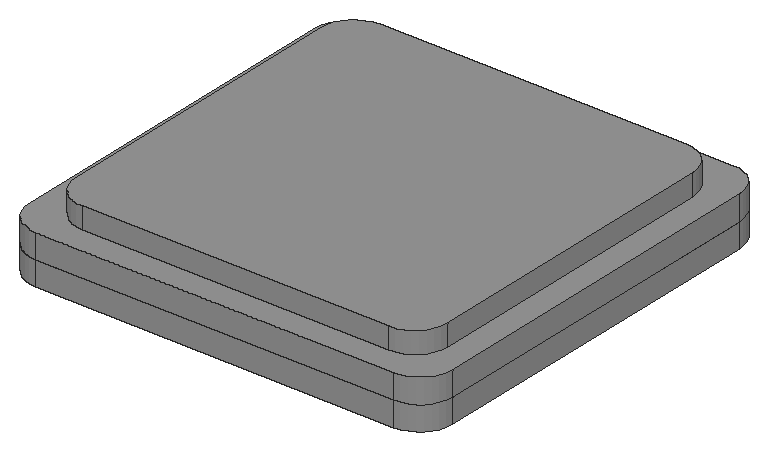
Revit family "FMS2_63_UN_Surface-mounted_ETK", category Lighting Fixtures, Revit 2019 (continued)
Definition of nested family "FMS.2 - Lightsource"
  Parameters (values of type "FMS.1110.10 - Ø270 / 18W / 1120lm / 4000K")
      .9143\t67.2823\t63.6779\t60.1011\t56.552\t53.0304\t49.5365\t46.0702\r\n38.4056\t26.0319\t13.6332\t1.214\t0\t0\t0\t0\t0\t0\r\n0\r\n502.9602\t502.684\t502.2697\t502.1316\t501.9935\t501.7173\t501.5792\t501.4411\t501.0268\t500.7506\r\n500.3363\t500.0601\t499.5077\t499.0934\t498.541\t497.9886\t497.4362\t496.8838\t496.1933\t495.5028\r\n494.6742\t493.8456\t493.017\t492.1884\t491.3598\t490.3931\t489.4264\t488.3216\t487.2168\t486.112\r\n485.0072\t483.9024\t482.6595\t481.2785\t480.0356\t478.6546\t477.2736\t475.7545\t474.3735\t472.8544\r\n471.4734\t469.8162\t468.2971\t466.5018\t464.8446\t463.1874\t461.5302\t459.7349\t457.9396\t456.0062\r\n454.2109\t452.2775\t450.3441\t448.2726\t446.3392\t444.2677\t442.1962\t440.1247\t438.0532\t435.9817\r\n433.9102\t431.7006\t429.3529\t427.1433\t425.0718\t422.586\t419.6859\t416.6477\t413.6095\t410.5713\r\n407.5331\t404.4949\t401.3186\t398.2804\t395.1041\t392.0659\t388.8896\t385.7133\t382.537\t379.2226\r\n376.0463\t372.87\t369.5556\t366.3793\t363.0649\t359.7505\t356.5742\t353.2598\t350.0835\t346.7691\r\n343.3166\t340.0022\t336.8259\t333.3734\t330.059\t326.7446\t323.4302\t319.9777\t316.6633\t313.2108\r\n309.8964\t306.582\t303.1295\t299.8151\t296.5007\t293.1863\t289.7338\t286.2813\t282.6907\t278.8239\r\n274.819\t270.9522\t266.9473\t263.0805\t259.0756\t254.9326\t251.0658\t247.199\t243.3322\t239.3273\r\n235.4605\t231.5937\t227.5888\t223.722\t219.8552\t215.9884\t212.1216\t208.2548\t204.5261\t200.7974\r\n196.9306\t193.2019\t189.3351\t185.6064\t181.8777\t177.5966\t173.3155\t169.0344\t164.8914\t160.6103\r\n156.3292\t152.1862\t148.0432\t143.9002\t139.7572\t135.7247\t131.6645\t127.5906\t123.5581\t119.5532\r\n115.5621\t111.6124\t107.6766\t103.7822\t99.9015\t96.0762\t92.2646\t88.4807\t84.7105\t80.9818\r\n77.2808\t73.5935\t69.9476\t66.3156\t62.6974\t59.1206\t55.5438\t51.9947\t40.9052\t29.1529\r\n17.4006\t5.6179\t0\t0\t0\t0\t0\t0\t0\t0\r\n0\r\n502.9602\t502.5459\t502.1316\t501.9935\t501.7173\t501.5792\t501.303\t501.0268\t500.7506\t500.3363\r\n499.922\t499.5077\t499.0934\t498.541\t498.1267\t497.5743\t496.8838\t496.3314\t495.6409\t494.9504\r\n494.2599\t493.4313\t492.6027\t491.7741\t490.8074\t489.9788\t489.0121\t488.0454\t487.0787\t485.8358\r\n484.731\t483.6262\t482.5214\t481.2785\t480.0356\t478.7927\t477.4117\t476.0307\t474.6497\t473.2687\r\n471.7496\t470.3686\t468.8495\t467.3304\t465.8113\t464.1541\t462.4969\t460.8397\t459.1825\t457.5253\r\n455.73\t453.9347\t452.1394\t450.3441\t448.4107\t446.4773\t444.5439\t442.0581\t439.2961\t436.5341\r\n433.7721\t431.0101\t428.2481\t425.348\t422.4479\t419.5478\t416.7858\t413.8857\t410.9856\t408.0855\r\n405.0473\t402.0091\t398.9709\t396.0708\t393.0326\t389.9944\t386.9562\t383.918\t380.8798\t377.8416\r\n374.8034\t371.6271\t368.4508\t365.4126\t362.2363\t359.06\t355.8837\t352.7074\t349.6692\t346.4929\r\n343.3166\t340.1403\t336.964\t333.7877\t330.6114\t327.5732\t324.3969\t321.2206\t317.9062\t314.1775\r\n310.4488\t306.582\t302.7152\t298.8484\t295.1197\t291.2529\t287.3861\t283.5193\t279.7906\t276.0619\r\n272.1951\t268.4664\t264.5996\t260.8709\t257.0041\t253.2754\t249.4086\t245.818\t242.0893\t238.3606\r\n234.6319\t230.9032\t227.1745\t223.4458\t219.7171\t215.9884\t212.3978\t208.6691\t204.388\t200.1069\r\n195.8258\t191.6828\t187.4017\t183.2587\t179.1157\t174.9727\t170.8297\t166.6867\t162.5437\t158.4007\r\n154.3958\t150.3909\t146.386\t142.243\t138.2381\t134.2332\t130.2421\t126.2925\t122.3842\t118.476\r\n114.5678\t110.6872\t106.8065\t102.9397\t99.1006\t95.289\t91.4912\t87.7211\t83.9648\t80.2223\r\n76.5074\t72.8063\t69.1191\t65.4456\t61.7859\t56.11\t44.7168\t33.3373\t21.9303\t10.5329\r\n0\t0\t0\t0\t0\t0\t0\t0\t0\t0\r\n0\r\n502.9602\t502.5459\t502.1316\t501.7173\t501.5792\t501.303\t501.0268\t500.7506\t500.3363\t500.0601\r\n499.6458\t499.0934\t498.6791\t498.1267\t497.5743\t497.0219\t496.4695\t495.9171\t495.2266\t494.5361\r\n493.8456\t493.017\t492.3265\t491.3598\t490.5312\t489.7026\t488.7359\t487.9073\t486.8025\t485.8358\r\n484.731\t483.6262\t482.5214\t481.4166\t480.3118\t479.0689\t477.826\t476.5831\t475.2021\t473.9592\r\n472.5782\t471.1972\t469.6781\t468.2971\t466.9161\t465.5351\t464.016\t462.4969\t460.8397\t459.1825\r\n457.5253\t455.1776\t452.6918\t450.0679\t447.444\t444.8201\t442.1962\t439.5723\t436.9484\t434.1864\r\n431.4244\t428.6624\t425.9004\t423.1384\t420.5145\t417.7525\t414.8524\t412.0904\t409.1903\t406.4283\r\n403.5282\t400.6281\t397.8661\t394.966\t392.0659\t389.1658\t386.1276\t383.2275\t380.3274\t377.2892\r\n374.3891\t371.489\t368.4508\t365.5507\t362.5125\t359.6124\t356.5742\t353.6741\t350.6359\t347.5977\r\n344.5595\t340.9689\t337.2402\t333.6496\t329.9209\t326.1922\t322.6016\t318.8729\t315.1442\t311.5536\r\n307.8249\t304.0962\t300.5056\t296.7769\t293.0482\t289.3195\t285.7289\t282.0002\t278.4096\t274.6809\r\n271.0903\t267.3616\t263.771\t260.0423\t256.4517\t252.8611\t249.2705\t245.6799\t242.0893\t238.4987\r\n234.9081\t230.9032\t226.7602\t222.4791\t218.3361\t214.1931\t210.0501\t205.9071\t201.7641\t197.7592\r\n193.6162\t189.4732\t185.4683\t181.4634\t177.3204\t173.3155\t169.3106\t165.1676\t161.1627\t157.1578\r\n153.291\t149.2861\t145.4193\t141.4144\t137.4785\t133.4875\t129.524\t125.5743\t121.6523\t117.7302\r\n113.8358\t109.9552\t106.0884\t102.2354\t98.4101\t94.5847\t90.7869\t87.003\t83.2329\t79.4766\r\n75.734\t72.0053\t68.2766\t61.0126\t49.8265\t38.6266\t27.4405\t16.2406\t5.0407\t0\r\n0\t0\t0\t0\t0\t0\t0\t0\t0\t0\r\n0\r\n502.9602\t502.5459\t501.9935\t501.5792\t501.303\t501.0268\t500.7506\t500.4744\t500.0601\t499.6458\r\n499.2315\t498.8172\t498.2648\t497.8505\t497.16\t496.6076\t496.0552\t495.5028\t494.8123\t494.1218\r\n493.5694\t492.8789\t492.0503\t491.2217\t490.3931\t489.5645\t488.5978\t487.7692\t486.8025\t485.8358\r\n484.8691\t483.9024\t482.7976\t481.6928\t480.588\t479.4832\t478.3784\t477.2736\t476.0307\t474.9259\r\n473.683\t472.302\t470.921\t469.6781\t468.2971\t466.9161\t464.8446\t462.4969\t460.1492\t457.6634\r\n455.3157\t452.8299\t450.3441\t447.7202\t445.2344\t442.7486\t440.2628\t437.6389\t435.015\t432.5292\r\n429.9053\t427.2814\t424.5194\t421.7574\t419.1335\t416.3715\t413.7476\t410.9856\t408.3617\t405.5997\r\n402.8377\t400.0757\t397.3137\t394.5517\t391.7897\t389.0277\t386.2657\t383.5037\t380.6036\t377.8416\r\n374.9415\t372.1795\t369.2794\t366.5174\t363.6173\t360.0267\t356.4361\t352.8455\t349.2549\t345.6643\r\n342.0737\t338.4831\t334.8925\t331.3019\t327.7113\t324.1207\t320.5301\t316.9395\t313.3489\t309.7583\r\n306.1677\t302.5771\t299.1246\t295.534\t291.9434\t288.3528\t284.9003\t281.3097\t277.8572\t274.2666\r\n270.8141\t267.3616\t263.771\t260.3185\t256.7279\t252.9992\t248.8562\t244.8513\t240.7083\t236.7034\r\n232.5604\t228.5555\t224.4125\t220.4076\t216.2646\t212.2597\t208.2548\t204.2499\t200.245\t196.2401\r\n192.2352\t188.2303\t184.2254\t180.2205\t176.3537\t172.3488\t168.3439\t164.4771\t160.6103\t156.6054\r\n152.7386\t148.7337\t144.7288\t140.7239\t136.6914\t132.7279\t128.7921\t124.87\t120.9618\t117.0674\r\n113.1868\t109.3062\t105.4532\t101.6002\t97.761\t93.9356\t90.1241\t86.3263\t82.5286\t78.7446\r\n74.9607\t67.2133\t56.1238\t45.0482\t33.9726\t22.897\t11.8214\t0.7455\t0\t0\r\n0\t0\t0\t0\t0\t0\t0\t0\t0\t0\r\n0\r\n502.9602\t502.4078\t501.9935\t501.4411\t501.1649\t500.8887\t500.4744\t500.0601\t499.7839\t499.3696\r\n498.8172\t498.4029\t497.8505\t497.4362\t496.8838\t496.3314\t495.6409\t495.0885\t494.398\t493.8456\r\n493.1551\t492.4646\t491.7741\t491.0836\t490.255\t489.4264\t488.5978\t487.7692\t486.9406\t485.9739\r\n485.0072\t484.0405\t483.0738\t482.1071\t481.1404\t480.1737\t479.0689\t477.9641\t476.8593\t475.7545\r\n474.7878\t473.5449\t471.8877\t469.6781\t467.3304\t464.9827\t462.635\t460.2873\t457.9396\t455.5919\r\n453.2442\t450.8965\t448.5488\t446.063\t443.7153\t441.2295\t438.7437\t436.1198\t433.634\t431.1482\r\n428.6624\t426.1766\t423.5527\t421.0669\t418.443\t415.9572\t413.3333\t410.7094\t408.0855\t405.3235\r\n402.6996\t400.0757\t397.4518\t394.8279\t392.204\t389.442\t386.8181\t384.1942\t381.4322\t378.394\r\n374.9415\t371.489\t368.0365\t364.584\t361.1315\t357.5409\t354.0884\t350.6359\t347.0453\t343.5928\r\n340.1403\t336.6878\t333.2353\t329.6447\t326.1922\t322.7397\t319.2872\t315.8347\t312.3822\t308.7916\r\n305.3391\t301.8866\t298.4341\t294.9816\t291.5291\t288.0766\t284.6241\t281.1716\t277.7191\t274.4047\r\n270.676\t266.6711\t262.6662\t258.6613\t254.6564\t250.6515\t246.6466\t242.6417\t238.6368\t234.6319\r\n230.7651\t226.7602\t222.7553\t218.8885\t214.8836\t211.0168\t207.0119\t203.007\t199.1402\t195.1353\r\n191.2685\t187.4017\t183.5349\t179.53\t175.6632\t171.7964\t167.7915\t163.7866\t159.9198\t155.9149\r\n151.91\t147.9051\t144.0383\t140.0334\t136.0699\t132.1341\t128.1982\t124.2762\t120.368\t116.4735\r\n112.5791\t108.6985\t104.8317\t100.9649\t97.1119\t93.2727\t89.4336\t85.6082\t81.7966\t74.6845\r\n63.6779\t52.6713\t41.6648\t30.6582\t19.6516\t8.6492\t0\t0\t0\t0\r\n0\t0\t0\t0\t0\t0\t0\t0\t0\t0\r\n0\r\n502.9602\t502.4078\t501.8554\t501.4411\t501.0268\t500.6125\t500.1982\t499.7839\t499.3696\t498.9553\r\n498.541\t498.1267\t497.5743\t497.0219\t496.4695\t495.9171\t495.3647\t494.8123\t494.1218\t493.5694\r\n492.8789\t492.1884\t491.4979\t490.8074\t490.1169\t489.4264\t488.5978\t487.9073\t487.0787\t486.2501\r\n485.2834\t484.4548\t483.6262\t482.6595\t481.6928\t480.7261\t479.7594\t478.7927\t477.826\t476.3069\r\n474.0973\t472.0258\t469.8162\t467.6066\t465.397\t463.1874\t460.8397\t458.6301\t456.4205\t454.0728\r\n451.7251\t449.3774\t447.0297\t444.682\t442.3343\t439.9866\t437.6389\t435.1531\t432.8054\t430.3196\r\n427.9719\t425.4861\t423.0003\t420.5145\t418.0287\t415.5429\t413.0571\t410.5713\t408.0855\t405.5997\r\n403.1139\t400.6281\t398.1423\t395.5184\t393.0326\t389.5801\t386.2657\t382.8132\t379.4988\t376.0463\r\n372.7319\t369.2794\t365.965\t362.5125\t359.1981\t355.7456\t352.4312\t348.9787\t345.6643\t342.2118\r\n338.8974\t335.4449\t331.9924\t328.678\t325.2255\t321.9111\t318.4586\t315.1442\t311.8298\t308.3773\r\n305.0629\t301.6104\t298.296\t294.9816\t291.5291\t288.2147\t284.3479\t280.4811\t276.4762\t272.4713\r\n268.6045\t264.7377\t260.7328\t256.7279\t252.8611\t248.8562\t244.9894\t241.1226\t237.2558\t233.2509\r\n229.3841\t225.5173\t221.6505\t217.7837\t213.9169\t210.0501\t206.1833\t202.3165\t198.4497\t194.5829\r\n190.7161\t186.9874\t183.1206\t179.1157\t175.1108\t171.1059\t167.2391\t163.2342\t159.2293\t155.2244\r\n151.3576\t147.3527\t143.3478\t139.481\t135.4899\t131.5541\t127.632\t123.71\t119.8017\t115.9073\r\n112.0129\t108.1185\t104.2379\t100.3711\t96.5043\t92.6375\t88.7845\t83.5091\t72.5439\t61.565\r\n50.5998\t39.6347\t28.6696\t17.7044\t6.7407\t0\t0\t0\t0\t0\r\n0\t0\t0\t0\t0\t0\t0\t0\t0\t0\r\n0\r\n502.9602\t502.4078\t501.8554\t501.303\t500.8887\t500.3363\t499.922\t499.5077\t499.0934\t498.6791\r\n498.2648\t497.7124\t497.16\t496.7457\t496.1933\t495.6409\t495.0885\t494.5361\t493.8456\t493.2932\r\n492.6027\t492.0503\t491.3598\t490.6693\t489.9788\t489.2883\t488.5978\t487.9073\t487.2168\t486.3882\r\n485.6977\t484.8691\t484.0405\t483.2119\t482.3833\t481.5547\t480.588\t478.6546\t476.5831\t474.5116\r\n472.302\t470.2305\t468.0209\t465.9494\t463.7398\t461.5302\t459.3206\t457.111\t454.9014\t452.6918\r\n450.4822\t448.1345\t445.9249\t443.5772\t441.3676\t439.0199\t436.6722\t434.3245\t432.1149\t429.7672\r\n427.4195\t425.0718\t422.7241\t420.3764\t418.0287\t415.681\t413.3333\t410.8475\t408.4998\t406.014\r\n403.6663\t400.6281\t397.3137\t394.1374\t390.823\t387.5086\t384.1942\t380.8798\t377.5654\t374.251\r\n370.9366\t367.7603\t364.4459\t361.1315\t357.8171\t354.5027\t351.1883\t347.7358\t344.4214\t341.107\r\n337.7926\t334.6163\t331.3019\t327.9875\t324.6731\t321.3587\t318.0443\t314.7299\t311.5536\t308.2392\r\n304.9248\t301.6104\t298.0198\t294.153\t290.2862\t286.2813\t282.4145\t278.5477\t274.6809\t270.676\r\n266.8092\t262.9424\t259.0756\t255.3469\t251.4801\t247.6133\t243.7465\t239.8797\t236.0129\t232.1461\r\n228.4174\t224.5506\t220.6838\t216.9551\t213.0883\t209.3596\t205.4928\t201.7641\t197.8973\t194.1686\r\n190.3018\t186.2969\t182.292\t178.4252\t174.4203\t170.5535\t166.5486\t162.6818\t158.6769\t154.8101\r\n150.9433\t146.9384\t143.0716\t139.2048\t135.2828\t131.4022\t127.5215\t123.6409\t119.7603\t115.8935\r\n112.0267\t108.1599\t104.2931\t100.4401\t96.5871\t92.7065\t83.3848\t72.3368\t61.2888\t50.2546\r\n39.2342\t28.2138\t17.1934\t6.1883\t0\t0\t0\t0\t0\t0\r\n0\t0\t0\t0\t0\t0\t0\t0\t0\t0\r\n0\r\n502.9602\t502.4078\t501.8554\t501.303\t500.6125\t500.1982\t499.7839\t499.2315\t498.8172\t498.4029\r\n497.8505\t497.4362\t496.8838\t496.3314\t495.779\t495.3647\t494.8123\t494.1218\t493.5694\t493.017\r\n492.4646\t491.7741\t491.0836\t490.5312\t489.8407\t489.1502\t488.5978\t487.9073\t487.2168\t486.5263\r\n485.8358\t485.1453\t484.4548\t483.6262\t482.9357\t481.2785\t479.3451\t477.2736\t475.064\t472.9925\r\n470.921\t468.7114\t466.6399\t464.4303\t462.3588\t460.1492\t458.0777\t455.8681\t453.6585\t451.587\r\n449.3774\t447.1678\t444.9582\t442.7486\t440.539\t438.3294\t436.1198\t433.7721\t431.5625\t429.3529\r\n427.0052\t424.7956\t422.4479\t420.2383\t417.8906\t415.681\t413.3333\t411.1237\t408.2236\t405.0473\r\n401.871\t398.5566\t395.3803\t392.204\t388.8896\t385.7133\t382.537\t379.3607\t376.0463\t372.7319\r\n369.5556\t366.2412\t363.0649\t359.7505\t356.5742\t353.3979\t350.0835\t346.9072\t343.5928\t340.4165\r\n337.1021\t333.9258\t330.7495\t327.4351\t324.2588\t321.0825\t317.7681\t314.5918\t311.4155\t307.6868\r\n303.82\t299.9532\t296.0864\t292.3577\t288.4909\t284.6241\t280.7573\t277.0286\t273.1618\t269.295\r\n265.5663\t261.6995\t257.9708\t254.104\t250.3753\t246.5085\t242.7798\t238.913\t235.1843\t231.3175\r\n227.5888\t223.8601\t219.9933\t216.2646\t212.5359\t208.6691\t204.9404\t201.2117\t197.2068\t193.34\r\n189.3351\t185.4683\t181.6015\t177.5966\t173.7298\t169.7249\t165.8581\t161.9913\t158.1245\t154.1196\r\n150.2528\t146.386\t142.5192\t138.6524\t134.7304\t130.8498\t126.983\t123.1023\t119.2355\t115.3687\r\n111.5157\t107.6489\t103.796\t99.943\t95.1647\t84.1305\t73.1101\t62.0898\t51.0694\t40.049\r\n29.0424\t18.0221\t7.0031\t0\t0\t0\t0\t0\t0\t0\r\n0\t0\t0\t0\t0\t0\t0\t0\t0\t0\r\n0\r\n502.9602\t502.4078\t501.7173\t501.1649\t500.6125\t500.0601\t499.5077\t499.0934\t498.541\t498.1267\r\n497.5743\t497.0219\t496.6076\t496.0552\t495.5028\t494.9504\t494.398\t493.8456\t493.2932\t492.7408\r\n492.1884\t491.4979\t490.9455\t490.3931\t489.7026\t489.0121\t488.4597\t487.7692\t487.2168\t486.5263\r\n485.8358\t485.1453\t484.4548\t483.7643\t481.8309\t479.7594\t477.6879\t475.7545\t473.683\t471.6115\r\n469.54\t467.4685\t465.397\t463.3255\t461.254\t459.1825\t456.9729\t454.9014\t452.6918\t450.6203\r\n448.4107\t446.3392\t444.1296\t442.0581\t439.8485\t437.777\t435.5674\t433.3578\t431.1482\t429.0767\r\n426.8671\t424.6575\t422.4479\t420.2383\t418.0287\t415.8191\t412.6428\t409.4665\t406.2902\t403.252\r\n400.0757\t396.8994\t393.7231\t390.4087\t387.2324\t384.0561\t380.8798\t377.7035\t374.5272\t371.3509\r\n368.3127\t365.1364\t361.9601\t358.7838\t355.4694\t352.2931\t349.1168\t345.9405\t342.7642\t339.5879\r\n336.4116\t333.2353\t330.059\t327.0208\t323.8445\t320.6682\t317.2157\t313.487\t309.6202\t305.8915\r\n302.1628\t298.296\t294.5673\t290.8386\t286.9718\t283.2431\t279.5144\t275.6476\t271.9189\t268.1902\r\n264.4615\t260.5947\t256.866\t253.1373\t249.4086\t245.6799\t241.9512\t238.0844\t234.3557\t230.627\r\n226.8983\t223.1696\t219.4409\t215.7122\t211.9835\t208.1167\t204.2499\t200.3831\t196.3782\t192.5114\r\n188.6446\t184.6397\t180.7729\t176.9061\t173.0393\t169.1725\t165.1676\t161.3008\t157.434\t153.5672\r\n149.7004\t145.8336\t141.9668\t138.0862\t134.2194\t130.3526\t126.4858\t122.6328\t118.766\t114.8992\r\n111.0462\t107.1932\t103.3264\t97.3329\t86.3263\t75.3059\t64.2994\t53.2928\t42.2862\t31.2796\r\n20.2731\t9.2596\t0\t0\t0\t0\t0\t0\t0\t0\r\n0\t0\t0\t0\t0\t0\t0\t0\t0\t0\r\n0\r\n502.9602\t502.4078\t501.7173\t501.1649\t500.4744\t499.922\t499.3696\t498.8172\t498.2648\t497.8505\r\n497.2981\t496.7457\t496.1933\t495.6409\t495.0885\t494.6742\t494.1218\t493.5694\t493.017\t492.4646\r\n491.9122\t491.2217\t490.6693\t490.1169\t489.5645\t488.874\t488.3216\t487.6311\t487.0787\t486.5263\r\n485.8358\t485.1453\t484.3167\t482.3833\t480.3118\t478.3784\t476.3069\t474.3735\t472.302\t470.2305\r\n468.159\t466.2256\t464.1541\t462.0826\t460.0111\t457.9396\t455.8681\t453.7966\t451.7251\t449.6536\r\n447.5821\t445.5106\t443.4391\t441.3676\t439.2961\t437.2246\t435.015\t432.9435\t430.7339\t428.6624\r\n426.4528\t424.2432\t422.1717\t420.1002\t417.062\t414.0238\t410.9856\t407.8093\t404.7711\t401.5948\r\n398.4185\t395.3803\t392.204\t389.0277\t385.9895\t382.8132\t379.6369\t376.5987\t373.4224\t370.2461\r\n367.2079\t364.0316\t360.8553\t357.8171\t354.6408\t351.6026\t348.4263\t345.3881\t342.2118\t339.1736\r\n336.1354\t332.9591\t329.7828\t326.6065\t323.154\t319.2872\t315.5585\t311.8298\t308.1011\t304.3724\r\n300.6437\t296.915\t293.1863\t289.4576\t285.7289\t282.0002\t278.2715\t274.5428\t270.8141\t267.0854\r\n263.3567\t259.628\t255.8993\t252.1706\t248.4419\t244.7132\t240.9845\t237.3939\t233.6652\t229.9365\r\n226.2078\t222.4791\t218.7504\t215.0217\t211.1549\t207.2881\t203.4213\t199.5545\t195.6877\t191.8209\r\n187.9541\t184.0873\t180.2205\t176.3537\t172.4869\t168.6201\t164.7533\t160.8865\t156.8816\t153.0148\r\n149.148\t145.2812\t141.4144\t137.6167\t133.7498\t129.883\t126.0301\t122.1633\t118.3103\t114.4435\r\n110.5905\t106.7375\t100.9925\t89.9998\t78.9932\t68.0004\t57.0077\t46.0149\t35.0084\t24.0156\r\n13.0201\t2.0232\t0\t0\t0\t0\t0\t0\t0\t0\r\n0\t0\t0\t0\t0\t0\t0\t0\t0\t0\r\n0\r\n502.9602\t502.4078\t501.7173\t501.1649\t500.4744\t499.922\t499.2315\t498.6791\t498.1267\t497.5743\r\n497.0219\t496.4695\t495.9171\t495.3647\t494.8123\t494.2599\t493.7075\t493.1551\t492.6027\t492.0503\r\n491.4979\t490.9455\t490.3931\t489.8407\t489.2883\t488.5978\t488.0454\t487.493\t486.9406\t486.2501\r\n485.6977\t485.1453\t483.0738\t481.1404\t479.0689\t477.1355\t475.064\t473.1306\t471.0591\t469.1257\r\n467.0542\t464.9827\t463.0493\t460.9778\t458.9063\t456.9729\t454.9014\t452.8299\t450.8965\t448.825\r\n446.7535\t444.682\t442.6105\t440.539\t438.4675\t436.396\t434.3245\t432.253\t430.1815\t428.11\r\n426.0385\t423.967\t421.6193\t418.5811\t415.5429\t412.3666\t409.3284\t406.2902\t403.1139\t400.0757\r\n397.0375\t393.9993\t390.823\t387.7848\t384.7466\t381.5703\t378.5321\t375.3558\t372.3176\t369.1413\r\n366.1031\t362.9268\t359.8886\t356
